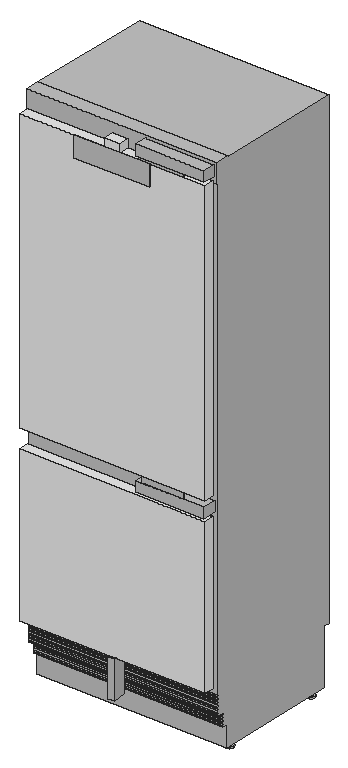
Revit family "FP_Revit_18_RS7621WRUK1_Fridge_90001120A", category Specialty Equipment, Revit 2018 (continued)
Definition of nested family "Handle Contemporary Square - Horizontal"
  Types (7, lengths in mm): name | Handle - Length
    AHD3RD2484W - Contemporary square handle (2 of 2) (Horizontal) 494mm | 494
    AHD3RD3084W - Contemporary square handle (2 of 2) (Horizontal) 646mm | 646
    AHD3RS3272A - Contemporary square handle (2 of 2) (Horizontal) 646mm | 646
    AHD3RS80A - Contemporary square handle (2 of 2) (Horizontal) 646mm | 646
    AHD3RD6121W - Contemporary square handle (2 of 2) (Horizontal) 494mm | 494
    AHD3RD7621W - Contemporary square handle (2 of 2) (Horizontal) 646mm | 646
  Reference planes
    plane 1 "Center (Front/Back)": y = 0
    plane 2: z = 0
    plane 3 "Center (Left/Right)": x = 0
    plane 4 "Product LHS": x = -323
    plane 5 "Product RHS": x = 323
    plane 6 "LHS Standoff": x = -202.995
    plane 7 "RHS Standoff": x = 203.005
  Forms (mm)
    Extrusion 1, solid, material <- "Material - Handle", detail levels fine
      sketch origin (0, 0, 0) x (0, 1, 0) y (0, 0, 1)
        loop
          arc (-28.701, 7.561) -> (-29.057, 7.868) -> (-29.514, 7.978) r 1
          line (-29.514, 7.978) -> (-40.5, 7.978)
          arc (-40.5, 7.978) -> (-41.561, 7.539) -> (-42, 6.478) r 1.5
          line (-42, 6.478) -> (-42, -6.522)
          arc (-42, -6.522) -> (-41.561, -7.583) -> (-40.5, -8.022) r 1.5
          line (-40.5, -8.022) -> (-29.487, -8.022)
          arc (-29.487, -8.022) -> (-29.029, -7.911) -> (-28.673, -7.602) r 1
          arc (-28.673, -7.602) -> (-26.256, -0.016) -> (-28.701, 7.561) r 13.038
      from -323 to 323
    Extrusion 2, solid, material <- "Material - Handle", detail levels fine
      sketch origin (0, 0, 0) x (0, 1, 0) y (0, 0, 1)
        loop
          arc (-28.23, 7.062) -> (-26.156, 0.008) -> (-28.198, -7.056) r 13.136
          arc (-28.198, -7.056) -> (-28.21, -7.463) -> (-27.86, -7.67) r 0.4
          line (-27.86, -7.67) -> (0, -7.67) -> (0, 7.678) -> (-27.893, 7.678)
          arc (-27.893, 7.678) -> (-28.244, 7.47) -> (-28.23, 7.062) r 0.4
      from 203.005 to 323
    Extrusion 3, solid, material <- "Material - Handle", detail levels fine
      sketch origin (0, 0, 0) x (0, 1, 0) y (0, 0, -1)
        loop
          arc (-28.23, -7.062) -> (-28.244, -7.47) -> (-27.893, -7.678) r 0.4
          line (-27.893, -7.678) -> (0, -7.678) -> (0, 7.67) -> (-27.86, 7.67)
          arc (-27.86, 7.67) -> (-28.21, 7.463) -> (-28.198, 7.056) r 0.4
          arc (-28.198, 7.056) -> (-26.156, -0.008) -> (-28.23, -7.062) r 13.136
      from 202.995 to 323
    Sweep 4, void
      path in 3D
        loop
          line (323, -29.514, 7.978) -> (323, -40.5, 7.978)
          arc (323, -40.5, 7.978) -> (323, -41.561, 7.539) -> (323, -42, 6.478) r 1.5
          line (323, -42, 6.478) -> (323, -42, -6.522)
          arc (323, -42, -6.522) -> (323, -41.561, -7.583) -> (323, -40.5, -8.022) r 1.5
          line (323, -40.5, -8.022) -> (323, -29.487, -8.022)
      profile origin (323, -35.007, 7.978) x (1, 0, 0) y (0, 0, 1)
        loop
          line (0, 0) -> (-1.3, 0) -> (0, -1.3) -> (0, 0)
    Sweep 5, void
      path in 3D
        loop
          line (-323, -29.487, -8.022) -> (-323, -40.5, -8.022)
          arc (-323, -40.5, -8.022) -> (-323, -41.561, -7.583) -> (-323, -42, -6.522) r 1.5
          line (-323, -42, -6.522) -> (-323, -42, 6.478)
          arc (-323, -42, 6.478) -> (-323, -41.561, 7.539) -> (-323, -40.5, 7.978) r 1.5
          line (-323, -40.5, 7.978) -> (-323, -29.514, 7.978)
      profile origin (-323, -35.007, 7.978) x (-1, 0, 0) y (0, 0, 1)
        loop
          line (0, 0) -> (-1.3, 0) -> (0, -1.3) -> (0, 0)
    Extrusion 6, void
      sketch origin (0, 0, 0) x (1, 0, 0) y (0, 0, 1)
        loop
          line (323, 7.978) -> (321.7, 7.978) -> (323, 6.678) -> (323, 7.978)
        loop
          line (323, -8.022) -> (323, -6.722) -> (321.7, -8.022) -> (323, -8.022)
      from 0 to 40
    Extrusion 7, void
      sketch origin (0, 0, 0) x (1, 0, 0) y (0, 0, 1)
        loop
          line (-323, 7.978) -> (-323, 6.678) -> (-321.7, 7.978) -> (-323, 7.978)
        loop
          line (-323, -8.022) -> (-321.7, -8.022) -> (-323, -6.722) -> (-323, -8.022)
      from 0 to 40
    Extrusion 8, solid, material <- "Material - Handle", detail levels coarse+medium
      sketch origin (0, 0, 0) x (1, 0, 0) y (0, 1, 0)
        loop
          line (-323, -42) -> (323, -42) -> (323, 0) -> (203.005, 0) -> (203.005, -26.156) -> (-202.995, -26.156) -> (-202.995, 0) -> (-323, 0) -> (-323, -42)
      from -8.022 to 7.978
  Cuts and joins
    Sweep 4, Sweep 5, Extrusion 6, Extrusion 7 cuts Extrusion 1
    Extrusion 6 cuts Extrusion 2
    Extrusion 7 cuts Extrusion 3
  Lines and regions (mm)
    sketch lines
      curve 1: line (323, -29.514, 7.978) -> (323, -40.5, 7.978)
      curve 2: arc (323, -42, 6.478) -> (323, -41.561, 7.539) -> (323, -40.5, 7.978) r 1.5
      curve 3: line (323, -42, 6.478) -> (323, -42, -6.522)
      curve 4: arc (323, -40.5, -8.022) -> (323, -41.561, -7.583) -> (323, -42, -6.522) r 1.5
      curve 5: line (323, -40.5, -8.022) -> (323, -29.487, -8.022)
      curve 6: line (-323, -40.5, 7.978) -> (-323, -29.514, 7.978)
      curve 7: arc (-323, -40.5, 7.978) -> (-323, -41.561, 7.539) -> (-323, -42, 6.478) r 1.5
      curve 8: line (-323, -42, -6.522) -> (-323, -42, 6.478)
      curve 9: arc (-323, -42, -6.522) -> (-323, -41.561, -7.583) -> (-323, -40.5, -8.022) r 1.5
      curve 10: line (-323, -29.487, -8.022) -> (-323, -40.5, -8.022)
  Dimensions and locks
    equal spacing: plane 4 "Product LHS", plane 3 "Center (Left/Right)", plane 5 "Product RHS"
    "Handle - Length": plane 4 "Product LHS" to plane 5 "Product RHS"
    locked: plane 4 "Product LHS" to plane 6 "LHS Standoff" at 120.005
    locked: plane 7 "RHS Standoff" to plane 5 "Product RHS" at 119.995
    aligned and locked: level to plane 2
    aligned and locked: Extrusion 1 to plane 5 "Product RHS"
    aligned and locked: plane 4 "Product LHS" to Extrusion 1
    aligned and locked: Extrusion 2 to plane 5 "Product RHS"
    aligned and locked: plane 4 "Product LHS" to Extrusion 3
    aligned and locked: plane 4 "Product LHS" to Extrusion 8 sketch curve
    aligned and locked: Extrusion 8 sketch curve to plane 5 "Product RHS"
    aligned and locked: Extrusion 8 sketch curve to plane 7 "RHS Standoff"
    aligned and locked: plane 6 "LHS Standoff" to Extrusion 8 sketch curve
    aligned and locked: Extrusion 2 to plane 7 "RHS Standoff"
    aligned and locked: plane 6 "LHS Standoff" to Extrusion 3
  Automatic sketch dimensions
    Extrusion 1 sketch curve to level = 6.522 mm
    plane 1 "Center (Front/Back)" to Extrusion 1 sketch curve = 42 mm
    Extrusion 1 sketch curve to Extrusion 1 sketch curve = 1.5 mm  (x2)
    Extrusion 1 sketch curve to level = 0.04 mm
    Extrusion 1 sketch curve to Extrusion 1 sketch curve = 1.206 mm
    level to Extrusion 1 sketch curve = 6.978 mm
    Extrusion 1 sketch curve to Extrusion 1 sketch curve = 10.986 mm
    Extrusion 1 sketch curve to Extrusion 1 sketch curve = 11.013 mm
    Extrusion 1 sketch curve to Extrusion 1 sketch curve = 1 mm
    level to Extrusion 1 sketch curve = 6.478 mm
    Extrusion 1 sketch curve to Extrusion 1 sketch curve = 0 mm
    Extrusion 2 sketch curve to plane 1 "Center (Front/Back)" = 0 mm
    Extrusion 2 sketch curve to level = 7.67 mm
    Extrusion 2 sketch curve to Extrusion 2 sketch curve = 27.86 mm
    level to Extrusion 2 sketch curve = 7.678 mm
    Extrusion 2 sketch curve to Extrusion 2 sketch curve = 0.033 mm
    Extrusion 2 sketch curve to level = 0.022 mm
    Extrusion 2 sketch curve to Extrusion 2 sketch curve = 11.398 mm
    Extrusion 2 sketch curve to Extrusion 2 sketch curve = 0.4 mm  (x2)
    Extrusion 2 sketch curve to Extrusion 2 sketch curve = 0 mm
    Extrusion 3 sketch curve to plane 1 "Center (Front/Back)" = 0 mm
    Extrusion 3 sketch curve to level = 7.67 mm
    Extrusion 3 sketch curve to Extrusion 3 sketch curve = 27.86 mm
    level to Extrusion 3 sketch curve = 7.678 mm
    Extrusion 3 sketch curve to Extrusion 3 sketch curve = 0.033 mm
    Extrusion 3 sketch curve to level = 0.022 mm
    Extrusion 3 sketch curve to Extrusion 3 sketch curve = 11.398 mm
    Extrusion 3 sketch curve to Extrusion 3 sketch curve = 0.4 mm  (x2)
    Extrusion 3 sketch curve to Extrusion 3 sketch curve = 0 mm
    profile plane to Sweep 4 sketch curve = 0 mm
    Sweep 4 sketch curve to profile plane = 0 mm
    Sweep 4 sketch curve to profile plane = 1.3 mm
    profile plane to Sweep 4 sketch curve = 1.3 mm
    Sweep 5 sketch curve to profile plane = 0 mm  (x2)
    profile plane to Sweep 5 sketch curve = 1.3 mm
    Sweep 5 sketch curve to profile plane = 1.3 mm
    plane 5 "Product RHS" to Extrusion 6 sketch curve = 0 mm  (x2)
    Extrusion 6 sketch curve to Extrusion 6 sketch curve = 1.3 mm  (x4)
    Extrusion 6 sketch curve to level = 6.722 mm
    level to Extrusion 6 sketch curve = 6.678 mm
    plane 4 "Product LHS" to Extrusion 7 sketch curve = 0 mm  (x2)
    Extrusion 7 sketch curve to plane 4 "Product LHS" = 1.3 mm  (x2)
    Extrusion 7 sketch curve to level = 8.022 mm
    level to Extrusion 7 sketch curve = 6.678 mm
    Extrusion 7 sketch curve to Extrusion 7 sketch curve = 1.3 mm  (x2)
    plane 1 "Center (Front/Back)" to Extrusion 8 sketch curve = 0 mm  (x2)
    Extrusion 8 sketch curve to Extrusion 8 sketch curve = 26.156 mm
    Extrusion 8 sketch curve to Extrusion 8 sketch curve = 42 mm
Definition of nested family "F&P Handle Kit - Contemporary Square Fine - Horizontal"
  Parameters (values of type "AHD5RD2484W - Contemporary square fine handle (2 of 2) (Horizontal) 494mm")
    URL = "www.fisherpaykel.com"
    Material - Handle = none
    Manufacturer = "Fisher & Paykel Appliances"
    Handle - Length = 494 mm
  Types (15, lengths in mm): name | Handle - Length
    (no name) | 494
    AHD5RD2484W - Contemporary square fine handle (2 of 2) (Horizontal) 494mm | 494
    AHD5RD2484WB - Contemporary square fine black handle (2 of 2) (Horizontal) 494mm | 494
    AHD5RD3084W - Contemporary square fine handle (2 of 2) (Horizontal) 646mm | 646
    AHD5RD3084WB - Contemporary square fine black handle (2 of 2) (Horizontal) 646mm | 646
    AHD5RD7621W - Contemporary square fine handle (2 of 2) (Horizontal) 646mm | 646
    AHD5RD7621WB - Contemporary square fine handle black (2 of 2) (Horizontal) 646mm | 646
    AHD5RD6121W - Contemporary square fine handle (2 of 2) (Horizontal) 494mm | 494
    AHD5RD6121WB - Contemporary square fine handle black (2 of 2) (Horizontal) 494mm | 494
    AHD5RD36A - Contemporary square fine handle (2 of 2) (Horizontal) 746mm | 746
    AHD5RD36AB - Contemporary square fine black handle (2 of 2) (Horizontal) 746mm | 746
    AHD5RD90A - Contemporary square fine handle (2 of 2) (Horizontal) 746mm | 746
    AHD5RD80A - Contemporary square fine handle (2 of 2) (Horizontal) 646mm | 646
    AHD5RD80AB - Contemporary square fine black handle (2 of 2) (Horizontal) 646mm | 646
    AHD5RD90AB - Contemporary square fine black handle (2 of 2) (Horizontal) 746mm | 746
  Reference planes
    plane 1 "Center (Front/Back)": y = 0
    plane 2: z = 0
    plane 3 "Center (Left/Right)": x = 0
    plane 4 "Product LHS": x = -247
    plane 5 "Product RHS": x = 247
    plane 6 "LHS Standoff": x = -126.995
    plane 7 "RHS Standoff": x = 127.005
  Forms (mm)
    Extrusion 1, solid, material <- "Material - Handle", detail levels fine
      sketch origin (0, 0, 0) x (0, 1, 0) y (0, 0, 1)
        loop
          arc (-26.813, 6.16) -> (-27.196, 6.554) -> (-27.728, 6.686) r 1
          line (-27.728, 6.686) -> (-40.035, 6.256)
          arc (-40.035, 6.256) -> (-40.719, 5.951) -> (-41, 5.257) r 1
          line (-41, 5.257) -> (-41, -5.257)
          arc (-41, -5.257) -> (-40.719, -5.951) -> (-40.035, -6.256) r 1
          line (-40.035, -6.256) -> (-27.709, -6.686)
          arc (-27.709, -6.686) -> (-27.175, -6.554) -> (-26.792, -6.158) r 1
          arc (-26.792, -6.158) -> (-25.256, 0.004) -> (-26.813, 6.16) r 13.038
      from -247 to 247
    Extrusion 2, solid, material <- "Material - Handle", detail levels fine
      sketch origin (0, 0, 0) x (0, 1, 0) y (0, 0, 1)
        loop
          arc (-26.626, -6.008) -> (-26.614, -6.49) -> (-26.2, -6.737) r 0.5
          line (-26.2, -6.737) -> (0, -7.696) -> (0, 7.704) -> (-26.174, 6.747)
          arc (-26.174, 6.747) -> (-26.587, 6.5) -> (-26.6, 6.019) r 0.5
          arc (-26.6, 6.019) -> (-25.156, 0.002) -> (-26.626, -6.008) r 13.136
      from 127.005 to 247
    Extrusion 3, solid, material <- "Material - Handle", detail levels coarse+medium
      sketch origin (0, 0, 0) x (1, 0, 0) y (0, 1, 0)
        loop
          line (-247, -42) -> (247, -42) -> (247, 0) -> (127.005, 0) -> (127.005, -26.156) -> (-126.995, -26.156) -> (-126.995, 0) -> (-247, 0) -> (-247, -42)
      from -8.022 to 7.978
    Extrusion 4, solid, material <- "Material - Handle", detail levels fine
      sketch origin (0, 0, 0) x (0, 1, 0) y (0, 0, 1)
        loop
          arc (-26.626, -6.008) -> (-26.614, -6.49) -> (-26.2, -6.737) r 0.5
          line (-26.2, -6.737) -> (0, -7.696) -> (0, 7.704) -> (-26.174, 6.747)
          arc (-26.174, 6.747) -> (-26.587, 6.5) -> (-26.6, 6.019) r 0.5
          arc (-26.6, 6.019) -> (-25.156, 0.002) -> (-26.626, -6.008) r 13.136
      from -247 to -126.995
  Dimensions and locks
    equal spacing: plane 4 "Product LHS", plane 3 "Center (Left/Right)", plane 5 "Product RHS"
    "Handle - Length": plane 4 "Product LHS" to plane 5 "Product RHS"
    locked: plane 4 "Product LHS" to plane 6 "LHS Standoff" at 120.005
    locked: plane 7 "RHS Standoff" to plane 5 "Product RHS" at 119.995
    aligned and locked: level to plane 2
    aligned and locked: Extrusion 1 to plane 5 "Product RHS"
    aligned and locked: plane 4 "Product LHS" to Extrusion 1
    aligned and locked: Extrusion 2 to plane 5 "Product RHS"
    aligned and locked: plane 4 "Product LHS" to Extrusion 3 sketch curve
    aligned and locked: Extrusion 3 sketch curve to plane 5 "Product RHS"
    aligned and locked: Extrusion 3 sketch curve to plane 7 "RHS Standoff"
    aligned and locked: plane 6 "LHS Standoff" to Extrusion 3 sketch curve
    aligned and locked: plane 4 "Product LHS" to Extrusion 4
    aligned and locked: plane 6 "LHS Standoff" to Extrusion 4
    aligned and locked: Extrusion 2 to plane 7 "RHS Standoff"
  Automatic sketch dimensions
    Extrusion 1 sketch curve to level = 5.257 mm
    plane 1 "Center (Front/Back)" to Extrusion 1 sketch curve = 41 mm
    level to Extrusion 1 sketch curve = 6.256 mm
    Extrusion 1 sketch curve to Extrusion 1 sketch curve = 0.965 mm  (x2)
    Extrusion 1 sketch curve to level = 6.256 mm
    Extrusion 1 sketch curve to Extrusion 1 sketch curve = 0.035 mm  (x3)
    Extrusion 1 sketch curve to level = 0.018 mm
    Extrusion 1 sketch curve to Extrusion 1 sketch curve = 1.706 mm
    level to Extrusion 1 sketch curve = 6.686 mm
    Extrusion 1 sketch curve to Extrusion 1 sketch curve = 12.307 mm
    Extrusion 1 sketch curve to level = 6.686 mm
    Extrusion 1 sketch curve to Extrusion 1 sketch curve = 12.326 mm
    Extrusion 1 sketch curve to Extrusion 1 sketch curve = 0.999 mm  (x2)
    Extrusion 1 sketch curve to Extrusion 1 sketch curve = 0 mm
    Extrusion 2 sketch curve to plane 1 "Center (Front/Back)" = 0 mm
    level to Extrusion 2 sketch curve = 6.247 mm
    plane 1 "Center (Front/Back)" to Extrusion 2 sketch curve = 26.155 mm
    level to Extrusion 2 sketch curve = 6.747 mm
    Extrusion 2 sketch curve to Extrusion 2 sketch curve = 0.018 mm  (x2)
    Extrusion 2 sketch curve to level = 6.238 mm
    Extrusion 2 sketch curve to Extrusion 2 sketch curve = 0.026 mm
    Extrusion 2 sketch curve to level = 6.737 mm
    level to Extrusion 2 sketch curve = 0.03 mm
    Extrusion 2 sketch curve to Extrusion 2 sketch curve = 12.11 mm
    Extrusion 2 sketch curve to level = 7.696 mm
    level to Extrusion 2 sketch curve = 7.704 mm
    Extrusion 2 sketch curve to Extrusion 2 sketch curve = 0 mm
    plane 1 "Center (Front/Back)" to Extrusion 3 sketch curve = 42 mm
    Extrusion 3 sketch curve to Extrusion 3 sketch curve = 15.844 mm
    Extrusion 3 sketch curve to Extrusion 3 sketch curve = 26.156 mm  (x2)
    level to Extrusion 4 sketch curve = 0.03 mm
    plane 1 "Center (Front/Back)" to Extrusion 4 sketch curve = 38.291 mm
    Extrusion 4 sketch curve to level = 6.737 mm
    Extrusion 4 sketch curve to Extrusion 4 sketch curve = 12.091 mm
    Extrusion 4 sketch curve to Extrusion 4 sketch curve = 0.018 mm  (x2)
    level to Extrusion 4 sketch curve = 6.747 mm
    Extrusion 4 sketch curve to Extrusion 4 sketch curve = 0.008 mm
    level to Extrusion 4 sketch curve = 7.704 mm
    Extrusion 4 sketch curve to Extrusion 4 sketch curve = 26.174 mm
    Extrusion 4 sketch curve to level = 7.696 mm
    Extrusion 4 sketch curve to Extrusion 4 sketch curve = 0.5 mm  (x2)
    Extrusion 4 sketch curve to Extrusion 4 sketch curve = 0 mm
Definition of nested family "Visibility Control Note 18"
  Types (3): name
    New
    Resolved
    Active
  Reference planes
    plane 1: y = 0
    plane 2: x = 0
  Text (mm)
    text "Edit Type: \nTo control handle kit \nand door panel visibility\n options\n\nDelete unwanted kits \nto reduce file size" at (-0.165, 35.556, 0)
